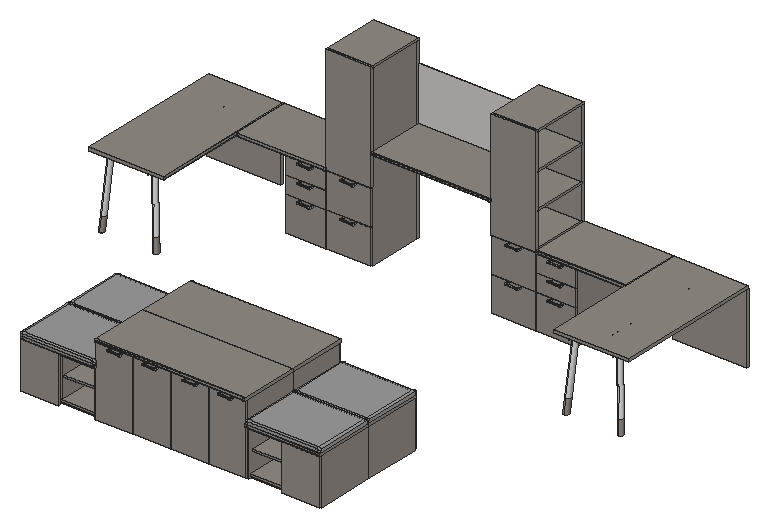
Revit family "JSI-Vision-Typical_Veneer-VSV110", category Furniture, Revit 2020
Family settings
  OmniClass Number = 23.40.20.00
  OmniClass Title = General Furniture and Specialties
  Work Plane-Based = No
  Always vertical = Yes
  Cut with Voids When Loaded = No
  Shared = No
  Room Calculation Point = No
Parameters (values of type "VST110")
  URL = "www.jsifurniture.com"
  Type Comments = "Typical Laminate"  # constant formula
  Model = "VST110"
  Manufacturer = "JSI"  # constant formula
  Keynote = "12500"
  Default Elevation = 0"
  Assembly Code = "E2020200"
Reference planes (in)
  plane 1 "Center Front/Back": y = 0
  plane 2: z = 0
  plane 3 "Center Left/Right": x = 0
Dimensions and locks (in)
  aligned and locked: level to plane 2
Nested families (in)
  nested 1: "JSI-Vision-Bench_Height_Cushion" at (138, -130.31703, 0.4315), type "VSB2430CUSH, 24d Bench H Cushion, 30 W"
    with Width 30"
  nested 2: "JSI-Vision-Tackboard_Wall_Mount_Overhead" at (83.1862, -0.125, 7.4375), type "VSB4822WT, Tackboard for Wall Mount OH"
    with Width 47 3/4", Height 21 1/2"
  nested 3: "JSI-Vision-Support_End_with_Metal_Braces" at (216.1875, -0.125, 0) x (0, -1, 0) z (0, 0, 1), type "VSV1030ASP, Vision Support End with Metal Braces 28"H, 30"W"
  nested 4: "JSI-Vision-Modular_Box_Box_File_Pedestal" at (49.754, 0, 0), type "VSV1624MBBF, Veneer Modular BBF Ped"
    with Ped Width 15.996", Ped Height 27.996", Ped Depth 24"
  nested 5: "JSI-Vision-File_File_Storage_Cabinet_Side_Access" at (132, 0, 0), type "VSV2418-72FFSSTL, Veneer 72" H FF Strg Cab Side Accs 24" x 18""
    with Side Distance 0", Shelve Distance 18", Height 72", FFSSTR no, Bottom Shelve Level 29.496", Adjustable Shelves Array Distance 14.06383", Actual Height 71 11/16", # of Adjustable Shelves 3
  nested 6: "JSI-Vision-File_File_Storage_Cabinet_Side_Access" at (66, 0, 0), type "VSV2418-72FFSSTR, Veneer 72" H FF Strg Cab Side Accs 24" x 18""
    with Height 72", Bottom Shelve Level 29.496", Adjustable Shelves Array Distance 14.06383", Actual Height 71 11/16", # of Adjustable Shelves 3
  nested 7: "JSI-Vision-Credenza_Top" at (84, -0.125, 40), type "VSV2448MCT, Veneer Credenza Top, 24" x 48""
    with Height 0", Width 48", Depth 24"
  nested 8: "JSI-Vision-Credenza_Top" at (78, -130.31703, 28), type "VSV2460MCT, Veneer Credenza Top, 24" x 60""
    with Height 0", Width 60", Depth 24"
  nested 9: "JSI-Vision-Modular_Door_Pedestal" at (77.875, -130.12953, 0), type "VSV3024MSC, Veneer Modular Door Ped"
    with Depth 24"
  nested 10: "JSI-Vision-Rectangle_Desk_Top" at (216, -0.125, -2) x (0, -1, 0) z (0, 0, 1), type "VSV3060MCT, Veneer Rectangular Desk Top, 30" x 60""
    with Width 60"
  nested 11: "JSI-Vision-Sliding_Door_Modular_Bench_Pedestal" at (48, -130.31703, 0), type "VSVB2430MSD, Veneer Sld Door Modular Bench H Ped"
    with Height 18.744", Depth 24"
  nested 12: "JSI-Vision-Modular_Box_Box_File_Pedestal" at (166.246, 0, 0) x (-1, 0, 0) z (0, 0, 1), type "VSV1624MBBF, Veneer Modular BBF Ped"
    with Ped Width 15.996", Ped Height 27.996", Ped Depth 24"
  nested 13: "JSI-Vision-Modular_Door_Pedestal" at (108.125, -130.12953, 0), type "VSV3024MSC, Veneer Modular Door Ped"
    with Depth 24"
  nested 14: "JSI-Vision-Modular_Door_Pedestal" at (77.875, -130.50453, 0), type "VSV3024MSC, Veneer Modular Door Ped"
    with Depth 24"
  nested 15: "JSI-Vision-Modular_Door_Pedestal" at (108.125, -130.50453, 0), type "VSV3024MSC, Veneer Modular Door Ped"
    with Depth 24"
  nested 16: "JSI-Vision-Sliding_Door_Modular_Bench_Pedestal" at (48, -130.31703, 0), type "VSVB2430MSD, Veneer Sld Door Modular Bench H Ped"
    with Height 18.744", Depth 24"
  nested 17: "JSI-Vision-Sliding_Door_Modular_Bench_Pedestal" at (168, -130.31703, 0) x (-1, 0, 0) z (0, 0, 1), type "VSVB2430MSD, Veneer Sld Door Modular Bench H Ped"
    with Height 18.744", Depth 24"
  nested 18: "JSI-Vision-Sliding_Door_Modular_Bench_Pedestal" at (168, -130.31703, 0) x (-1, 0, 0) z (0, 0, 1), type "VSVB2430MSD, Veneer Sld Door Modular Bench H Ped"
    with Height 18.744", Depth 24"
  nested 19: "JSI-Vision-Bench_Height_Cushion" at (138, -130.31703, 0.4315), type "VSB2430CUSH, 24d Bench H Cushion, 30 W"
    with Width 30"
  nested 20: "JSI-Vision-Bench_Height_Cushion" at (78, -130.31703, 0.4315) x (-1, 0, 0) z (0, 0, 1), type "VSB2430CUSH, 24d Bench H Cushion, 30 W"
    with Width 30"
  nested 21: "JSI-Vision-Bench_Height_Cushion" at (78, -130.31703, 0.4315) x (-1, 0, 0) z (0, 0, 1), type "VSB2430CUSH, 24d Bench H Cushion, 30 W"
    with Width 30"
  nested 22: "JSI-Vision-Credenza_Top" at (78, -130.31703, 28), type "VSV2460MCT, Veneer Credenza Top, 24" x 60""
    with Height 0", Width 60", Depth 24"
  nested 23: "JSI-Vision_Modular_Bridge_Top" at (186.06413, -10.875, -0.8165), type "VSV3624MCT, Veneer 36 x 24 Modular Return/ Bridge Top"
    with Depth 24"
  nested 24: "JSI-Vision_Modular_Bridge_Top" at (29.93587, -10.875, -0.8165) x (-1, 0, 0) z (0, 0, 1), type "VSV3624MCT, Veneer 36 x 24 Modular Return/ Bridge Top"
    with Depth 24"
  nested 25: "JSI-Vision-Support_End_with_Metal_Braces" at (-0.1875, -0.125, 0) x (0, -1, 0) z (0, 0, 1), type "VSV1030ASP, Vision Support End with Metal Braces 28"H, 30"W"
  nested 26: "JSI-Vision-Rectangle_Desk_Top" at (0, -0.125, -2) x (0, -1, 0) z (0, 0, 1), type "VSV3060MCT, Veneer Rectangular Desk Top, 30" x 60""
    with Width 60"
  nested 27: "JSI-Vision-Bench_Height_Modular_Top" at (48.00381, -130.31703, -0.756), type "VSVB2430MT, Veneer Mod Bench H Top, 24" x 30""
    with Width 30", Depth 24"
  nested 28: "JSI-Vision-Bench_Height_Modular_Top" at (48.00381, -130.31703, -0.756), type "VSVB2430MT, Veneer Mod Bench H Top, 24" x 30""
    with Width 30", Depth 24"
  nested 29: "JSI-Vision-Bench_Height_Modular_Top" at (168, -130.31703, -0.756) x (-1, 0, 0) z (0, 0, 1), type "VSVB2430MT, Veneer Mod Bench H Top, 24" x 30""
    with Width 30", Depth 24"
  nested 30: "JSI-Vision-Bench_Height_Modular_Top" at (168, -130.31703, -0.756) x (-1, 0, 0) z (0, 0, 1), type "VSVB2430MT, Veneer Mod Bench H Top, 24" x 30""
    with Width 30", Depth 24"
  nested 31: "JSI-Vision-Wood_Dowel_Base" at (15, -58.76571, -0.3165) x (0, -1, 0) z (0, 0, 1), type "VSV0228MKL2, Wood Dowel Base 28"H"
  nested 32: "JSI-Vision-Wood_Dowel_Base" at (201, -58.76571, -0.3125) x (0, -1, 0) z (0, 0, 1), type "VSV0228MKL2, Wood Dowel Base 28"H"
  nested 33: "JSI-Vision-L_Bracket" at (132, -0.65054, 26.93373) x (0, -1, 0) z (0, 0, 1), type "VSB-LBRKT-24, Matter Black L-Bracket 21"w"
  nested 34: "JSI-Vision-L_Bracket" at (84, -0.65054, 26.93373) x (0, -1, 0) z (0, 0, 1), type "VSB-LBRKT-24, Matter Black L-Bracket 21"w"
  nested 35: "JSI-Vision-Support_Rail_Work_Surface" at (16, -10.625, 0.18778) x (0, -1, 0) z (0, 0, 1), type "GP0243SB, Metal Support Rail for Work Surface  2W 43 L 3/4H"
  nested 36: "JSI-Vision-Support_Rail_Work_Surface" at (200, -10.625, 0.18778) x (0, -1, 0) z (0, 0, 1), type "GP0243SB, Metal Support Rail for Work Surface  2W 43 L 3/4H"
Definition of nested family "JSI-Vision-Bench_Height_Cushion"
  Parameters (values of type "Type Catalog")
    Width = 36"
    URL = "www.jsifurniture.com"
    Type Comments = ""
    Series = "Vision Casegoods"  # constant formula
    Model = "Type Catalog"
    Material = ""
    Manufacturer = "JSI"  # constant formula
    Keynote = "12500"
    JSI Enviromental Website = "http://www.jsifurniture.com/jsi_sustainability_intro.php"
    Height = 1 1/2"
    Description = "Type Catalog"
    Depth = 24"
    Default Elevation = 0"
    Cushion Finish = none
    Bench Height = 19 1/2"
    Assembly Code = "E2020200"
  Reference planes (in)
    plane 1 "Center Front/Back": y = 0
    plane 2: z = 0
    plane 3 "Center Left/Right": x = 0
    plane 4: z = 0
    plane 5: z = 19.5
    plane 6: z = 21
    plane 7: z = 20.625
    plane 8: x = 36
    plane 9: y = -24
  Forms (in)
    Sweep 1, solid, material <- "Cushion Finish"
      path origin (7.5, 51.481, 49.125) x (0, 1, 0) y (0, 0, 1)
        loop
          line (-51.481, -29.625) -> (-51.481, -28.5625)
          arc (-51.481, -28.5625) -> (-51.60914, -28.25314) -> (-51.9185, -28.125) r 0.4375
          line (-51.9185, -28.125) -> (-75.0435, -28.125)
          arc (-75.0435, -28.125) -> (-75.35286, -28.25314) -> (-75.481, -28.5625) r 0.4375
          line (-75.481, -28.5625) -> (-75.481, -29.625)
      profile origin (7.5, -12, 21) x (0, 0, -1) y (1, 0, 0)
        loop
          line (0.375, -7.5) -> (0.375, 28.5)
          spline (0.375, 28.5) -> (0.32605, 28.49144) -> (0.27794, 28.46593) -> (0.23149, 28.42388) -> (0.1875, 28.36603) -> (0.14671, 28.29335) -> (0.10983, 28.20711) -> (0.07749, 28.10876) -> (0.05024, 28) -> (0.02855, 27.88268) -> (0.01278, 27.75882) -> (0.00321, 27.63053) -> (0, 27.5)
          line (0, 27.5) -> (0, -6.5)
          spline (0, -6.5) -> (0.00321, -6.63053) -> (0.01278, -6.75882) -> (0.02855, -6.88268) -> (0.05024, -7) -> (0.07749, -7.10876) -> (0.10983, -7.20711) -> (0.14671, -7.29335) -> (0.1875, -7.36603) -> (0.23149, -7.42388) -> (0.27794, -7.46593) -> (0.32605, -7.49144) -> (0.375, -7.5)
    Extrusion 2, solid, material <- "Cushion Finish"
      sketch origin (7.5, 51.481, 49.125) x (0, 1, 0) y (0, 0, 1)
        loop
          line (-51.856, -29.625) -> (-51.856, -28.5625)
          arc (-51.856, -28.5625) -> (-51.87431, -28.51831) -> (-51.9185, -28.5) r 0.0625
          line (-51.9185, -28.5) -> (-75.0435, -28.5)
          arc (-75.0435, -28.5) -> (-75.0877, -28.51831) -> (-75.106, -28.5625) r 0.0625
          line (-75.106, -28.5625) -> (-75.106, -29.625) -> (-51.856, -29.625)
      from -7.5 to 28.5
  Lines and regions (in)
    symbolic lines
      curve 1: line (36, -0.375, 0) -> (36, -23.625, 0)
      curve 2: line (35, -24, 0) -> (1, -24, 0)
      curve 3: spline (0, -23.625, 0) -> (0.00856, -23.67395, 0) -> (0.03407, -23.72206, 0) -> (0.07612, -23.76851, 0) -> (0.13397, -23.8125, 0) -> (0.20665, -23.85329, 0) -> (0.29289, -23.89017, 0) -> (0.39124, -23.92251, 0) -> (0.5, -23.94976, 0) -> (0.61732, -23.97145, 0) -> (0.74118, -23.98722, 0) -> (0.86947, -23.99679, 0) -> (1, -24, 0)
      curve 4: spline (36, -23.625, 0) -> (35.99144, -23.67395, 0) -> (35.96593, -23.72206, 0) -> (35.92388, -23.76851, 0) -> (35.86603, -23.8125, 0) -> (35.79335, -23.85329, 0) -> (35.70711, -23.89017, 0) -> (35.60876, -23.92251, 0) -> (35.5, -23.94976, 0) -> (35.38268, -23.97145, 0) -> (35.25882, -23.98722, 0) -> (35.13053, -23.99679, 0) -> (35, -24, 0)
      curve 5: line (1, 0, 0) -> (35, 0, 0)
      curve 6: spline (36, -0.375, 0) -> (35.99144, -0.32605, 0) -> (35.96593, -0.27794, 0) -> (35.92388, -0.23149, 0) -> (35.86603, -0.1875, 0) -> (35.79335, -0.14671, 0) -> (35.70711, -0.10983, 0) -> (35.60876, -0.07749, 0) -> (35.5, -0.05024, 0) -> (35.38268, -0.02855, 0) -> (35.25882, -0.01278, 0) -> (35.13053, -0.00321, 0) -> (35, 0, 0)
      curve 7: spline (0, -0.375, 0) -> (0.00856, -0.32605, 0) -> (0.03407, -0.27794, 0) -> (0.07612, -0.23149, 0) -> (0.13397, -0.1875, 0) -> (0.20665, -0.14671, 0) -> (0.29289, -0.10983, 0) -> (0.39124, -0.07749, 0) -> (0.5, -0.05024, 0) -> (0.61732, -0.02855, 0) -> (0.74118, -0.01278, 0) -> (0.86947, -0.00321, 0) -> (1, 0, 0)
      curve 8: line (0, -0.375, 0) -> (0, -23.625, 0)
  Dimensions and locks (in)
    "Height": plane 6 to plane 5
    locked: plane 7 to plane 5 at 1.125
    "Bench Height": plane 5 to level
    "Width": plane 3 "Center Left/Right" to plane 8
    "Depth": plane 1 "Center Front/Back" to plane 9
    locked: Sweep 1 sketch curve to plane 3 "Center Left/Right" at 1
    locked: Sweep 1 sketch curve to plane 8 at 1
    aligned and locked: level to plane 2
    aligned and locked: level to plane 4
    aligned and locked: Sweep 1 to plane 5
    aligned and locked: Extrusion 2 to Sweep 1  (x3)
    aligned and locked: Extrusion 2 to plane 3 "Center Left/Right"
    aligned and locked: Extrusion 2 to plane 8
    aligned and locked: plane 1 "Center Front/Back" to Sweep 1 sketch curve
    aligned and locked: plane 9 to Sweep 1 sketch curve
    aligned and locked: Sweep 1 sketch curve to plane 6
  Automatic sketch dimensions
    Sweep 1 sketch curve to plane 5 = 0"  (x2)
    Sweep 1 sketch curve to plane 7 = 1/16"
    plane 1 "Center Front/Back" to Sweep 1 sketch curve = 7/16"
    Sweep 1 sketch curve to profile plane = 0"
    Sweep 1 sketch curve to profile plane = 3/8"
    Sweep 1 sketch curve to Sweep 1 sketch curve = 1"  (x2)
    Extrusion 2 sketch curve to plane 5 = 0"
    Extrusion 2 sketch curve to plane 7 = 0"
    plane 9 to Extrusion 2 sketch curve = 3/8"
    Extrusion 2 sketch curve to plane 7 = 1/16"
    plane 1 "Center Front/Back" to Extrusion 2 sketch curve = 7/16"
    plane 1 "Center Front/Back" to Extrusion 2 sketch curve = 3/8"
    curve 3 to plane 3 "Center Left/Right" = 0"
    curve 3 to plane 9 = 0"
    plane 1 "Center Front/Back" to curve 7 = 0"
    curve 4 to plane 8 = 0"
    plane 3 "Center Left/Right" to curve 2 = 1"
    plane 3 "Center Left/Right" to curve 5 = 1"
    plane 8 to curve 5 = 1"
    plane 8 to curve 2 = 1"
    plane 9 to curve 1 = 3/8"
    plane 1 "Center Front/Back" to curve 1 = 3/8"
    plane 9 to curve 3 = 3/8"
    plane 1 "Center Front/Back" to curve 8 = 3/8"
Definition of nested family "JSI-Vision-Tackboard_Wall_Mount_Overhead"
  Parameters (values of type "Tackboard for Wall Mount OH - Type Catalog Family")
    Tackboard = none
    Width = 28 1/8"
    URL = "www.jsifurniture.com"
    Type Comments = ""
    Series = "Vision Casegoods"  # constant formula
    Model = "Type Catalog"
    Material = ""
    Manufacturer = "JSI"  # constant formula
    Keynote = "12500"  # constant formula
    JSI Enviromental Website = "http://www.jsifurniture.com/jsi_sustainability_intro.php"
    Height = 21 1/4"
    Description = "Type Catalog"
    Depth = 3/8"
    Default Elevation = 0"
    Assembly Code = "E2020200"
  Reference planes (in)
    plane 1 "Center Front/Back": y = 0
    plane 2: z = 0
    plane 3 "Center Left/Right": x = 0
    plane 4: z = 0
    plane 5: x = 0.9375
    plane 6: x = 29.0625
    plane 7: z = 33.75
    plane 8: x = 30
    plane 9: z = 55
    plane 10: y = -0.375
  Forms (in)
    Extrusion 1, solid, material <- "Tackboard"
      sketch origin (0, 1.5625, 0) x (1, 0, 0) y (0, 1, 0)
        loop
          line (0.9375, -1.5625) -> (0.9375, -1.9375) -> (29.0625, -1.9375) -> (29.0625, -1.5625) -> (0.9375, -1.5625)
      from 33.75 to 55
  Lines and regions (in)
    symbolic lines
      curve 1: line (0.9375, 0, 0) -> (29.0625, 0, 0)
      curve 2: line (0.9375, -0.375, 0) -> (0.9375, 0, 0)
      curve 3: line (29.0625, -0.375, 0) -> (0.9375, -0.375, 0)
      curve 4: line (29.0625, 0, 0) -> (29.0625, -0.375, 0)
  Dimensions and locks (in)
    "Width": plane 5 to plane 6
    plane 7 to level = 33 3/4"
    "Height": plane 9 to plane 7
    locked: plane 3 "Center Left/Right" to plane 5 at 0.9375
    locked: plane 6 to plane 8 at 0.9375
    aligned and locked: level to plane 2
    aligned and locked: Extrusion 1 to plane 5  (x2)
    aligned and locked: plane 6 to Extrusion 1  (x2)
    aligned and locked: Extrusion 1 to plane 7
    aligned and locked: plane 9 to Extrusion 1
    aligned and locked: curve 1 to Extrusion 1
    aligned and locked: curve 2 to Extrusion 1
    aligned and locked: curve 3 to Extrusion 1
    aligned and locked: curve 4 to Extrusion 1
    aligned and locked: Extrusion 1 to plane 1 "Center Front/Back"
  Automatic sketch dimensions
    Extrusion 1 sketch curve to plane 5 = 0"
    Extrusion 1 sketch curve to plane 6 = 0"
    Extrusion 1 sketch curve to plane 10 = 0"
    Extrusion 1 sketch curve to Extrusion 1 sketch curve = 3/8"
Definition of nested family "JSI-Vision-Support_End_with_Metal_Braces"
  Parameters (values of type "VST1030ASP, Vision Support End with Metal Braces 28"H, 30"W")
    Width = 30"
    URL = "www.jsifurniture.com"
    Type Comments = ""
    Support Wood Finish = none
    Support Finish = none
    Series = "Vision Casegoods"  # constant formula
    Model = "VST1030ASP"
    Material = ""
    Manufacturer = "JSI"  # constant formula
    Keynote = "12500"  # constant formula
    JSI Enviromental Website = "http://www.jsifurniture.com/jsi_sustainability_intro.php"
    Height = 28"
    Hardware Finish = none
    Description = "Vision Support End Laminate with Metal Braces -  3/4\"D x 30\"W x 28\"H"
    Depth = 3/4"
    Default Elevation = 0"
    Assembly Code = "E2020200"
  Types (4): name | Width | Model | Description
    VST1030ASP, Vision Support End with Metal Braces 28"H, 30"W | 30" | "VST1030ASP" | "Vision Support End Laminate with Metal Braces -  3/4\"D x 30\"W x 28\"H"
    VST1036ASP, Vision Support End with Metal Braces 28"H, 36"W | 36" | "VST1036ASP" | "Vision Support End Laminate with Metal Braces -  3/4\"D x 36\"W x 28\"H"
    VSV1030ASP, Vision Support End with Metal Braces 28"H, 30"W | 30" | "VSV1030ASP" | "Vision Support End Venner with Metal Braces -  3/4\"D x 30\"W x 28\"H"
    VSV1036ASP, Vision Support End with Metal Braces 28"H, 36"W | 36" | "VSV1036ASP" | "Vision Support End Venner with Metal Braces -  3/4\"D x 36\"W x 28\"H"
  Reference planes (in)
    plane 1 "Center Front/Back": y = 0
    plane 2: z = 0
    plane 3 "Center Left/Right": x = 0
    plane 4: z = 0
    plane 5: z = 28
    plane 6: x = 0.75
    plane 7: y = -30
    plane 8: y = -15
  Forms (in)
    Extrusion 1, solid, material <- "Support Wood Finish"
      sketch origin (0, 0, 0) x (1, 0, 0) y (0, 1, 0)
        loop
          line (0, -0.1875) -> (0, -29.8125) -> (0.75, -29.8125) -> (0.75, -0.1875) -> (0, -0.1875)
      from 0 to 28
    Extrusion 2, solid, material <- "Support Finish"
      sketch origin (0, 0, 0) x (1, 0, 0) y (0, 0, 1)
        loop
          line (1.01072, 21.34172) -> (7.4271, 27.75811)
          arc (7.4271, 27.75811) -> (7.48703, 27.79815) -> (7.55772, 27.81221) r 0.18472
          line (7.55772, 27.81221) -> (10.08071, 27.81221) -> (10.08071, 28) -> (7.55916, 28)
          arc (7.55916, 28) -> (7.41566, 27.97145) -> (7.294, 27.89017) r 0.375
          line (7.294, 27.89017) -> (0.85983, 21.456)
          arc (0.85983, 21.456) -> (0.77855, 21.33434) -> (0.75, 21.19084) r 0.375
          line (0.75, 21.19084) -> (0.75, 18.669) -> (0.9375, 18.669) -> (0.9375, 21.16495)
          arc (0.9375, 21.16495) -> (0.95653, 21.26062) -> (1.01072, 21.34172) r 0.25
      from 10.5 to 11.5
    Extrusion 3, solid, material <- "Support Finish"
      sketch origin (0, -8, 0) x (1, 0, 0) y (0, 0, 1)
        loop
          line (1.01072, 21.34172) -> (7.4271, 27.75811)
          arc (7.4271, 27.75811) -> (7.48703, 27.79815) -> (7.55772, 27.81221) r 0.18472
          line (7.55772, 27.81221) -> (10.08071, 27.81221) -> (10.08071, 28) -> (7.55916, 28)
          arc (7.55916, 28) -> (7.41566, 27.97145) -> (7.294, 27.89017) r 0.375
          line (7.294, 27.89017) -> (0.85983, 21.456)
          arc (0.85983, 21.456) -> (0.77855, 21.33434) -> (0.75, 21.19084) r 0.375
          line (0.75, 21.19084) -> (0.75, 18.669) -> (0.9375, 18.669) -> (0.9375, 21.16495)
          arc (0.9375, 21.16495) -> (0.95653, 21.26062) -> (1.01072, 21.34172) r 0.25
      from 10.5 to 11.5
    Extrusion 4, solid, material <- "Hardware Finish"
      sketch origin (0, 0, 0) x (1, 0, 0) y (0, 0, 1)
        loop
          line (0.75, 28) -> (0.75, 26.9375) -> (0.8125, 26.9375) -> (0.8125, 27.9375) -> (1.8125, 27.9375) -> (1.8125, 28) -> (0.75, 28)
      from 1.6875 to 3.6875
    Extrusion 5, solid, material <- "Hardware Finish"
      sketch origin (0, -8.75, 0) x (1, 0, 0) y (0, 0, 1)
        loop
          line (0.75, 28) -> (0.75, 26.9375) -> (0.8125, 26.9375) -> (0.8125, 27.9375) -> (1.8125, 27.9375) -> (1.8125, 28) -> (0.75, 28)
      from -1.3125 to 0.6875
    Extrusion 6, solid, material <- "Hardware Finish"
      sketch origin (0, -21.875, 0) x (1, 0, 0) y (0, 0, 1)
        loop
          line (0.75, 28) -> (0.75, 26.9375) -> (0.8125, 26.9375) -> (0.8125, 27.9375) -> (1.8125, 27.9375) -> (1.8125, 28) -> (0.75, 28)
      from -1.3125 to 0.6875
    Extrusion 7, solid, material <- "Hardware Finish"
      sketch origin (0, -30.625, 0) x (1, 0, 0) y (0, 0, 1)
        loop
          line (0.75, 28) -> (0.75, 26.9375) -> (0.8125, 26.9375) -> (0.8125, 27.9375) -> (1.8125, 27.9375) -> (1.8125, 28) -> (0.75, 28)
      from -4.3125 to -2.3125
  Lines and regions (in)
    symbolic lines
      curve 1: line (0, -0.1875, 0) -> (0.75, -0.1875, 0)
      curve 2: line (0, -29.8125, 0) -> (0, -0.1875, 0)
      curve 3: line (0.75, -29.8125, 0) -> (0, -29.8125, 0)
      curve 4: line (0.75, -0.1875, 0) -> (0.75, -29.8125, 0)
      curve 5: line (0.75, -1.83336, 0) -> (1.30712, -1.83336, 0)
      curve 6: line (1.30712, -1.83336, 0) -> (1.30712, -3.4108, 0)
      curve 7: line (1.30712, -3.4108, 0) -> (0.75, -3.4108, 0)
      curve 8: line (0.75, -26.5892, 0) -> (1.30712, -26.5892, 0)
      curve 9: line (1.30712, -26.5892, 0) -> (1.30712, -28.16665, 0)
      curve 10: line (1.30712, -28.16665, 0) -> (0.75, -28.16665, 0)
  Dimensions and locks (in)
    "Depth": plane 3 "Center Left/Right" to plane 6
    "Width": plane 1 "Center Front/Back" to plane 7
    locked: Extrusion 1 sketch curve to plane 1 "Center Front/Back" at 0.1875
    locked: Extrusion 1 sketch curve to plane 7 at 0.1875
    equal spacing: plane 7, plane 8, plane 1 "Center Front/Back"
    plane 5 to Extrusion 2 sketch curve to Extrusion 2 sketch curve to Extrusion 2 sketch curve to Extrusion 2 sketch curve to Extrusion 2 sketch curve = 0.18779" locked, 0.18472" locked, 6.43665" locked, 0.02589" locked, 2.49595" locked
    Extrusion 2 sketch curve to Extrusion 2 sketch curve to Extrusion 2 sketch curve to Extrusion 2 sketch curve to Extrusion 2 sketch curve to plane 6 = 2.52299" locked, 6.37022" locked, 1/16" locked, 3/16" locked, 3/16" locked
    Extrusion 3 sketch curve to Extrusion 3 sketch curve to Extrusion 3 sketch curve to Extrusion 3 sketch curve to Extrusion 3 sketch curve = 0.18472" locked, 6.43665" locked, 0.02589" locked, 2.49595" locked
    Extrusion 3 sketch curve to Extrusion 3 sketch curve to Extrusion 3 sketch curve to Extrusion 3 sketch curve to Extrusion 3 sketch curve = 2.52299" locked, 6.37022" locked, 1/16" locked, 3/16" locked
    Extrusion 2 to Extrusion 2 to plane 8 to Extrusion 3 to Extrusion 3 = 1" locked, 3 1/2" locked, 3 1/2" locked, 1" locked
    plane 5 to Extrusion 4 sketch curve to Extrusion 4 sketch curve = 1/16" locked, 1" locked
    plane 6 to Extrusion 4 sketch curve to Extrusion 4 sketch curve = 1/16" locked, 1" locked
    locked: Extrusion 5 sketch curve to Extrusion 5 sketch curve at 1  (x2)
    locked: Extrusion 6 sketch curve to Extrusion 6 sketch curve at 1  (x2)
    locked: Extrusion 7 sketch curve to Extrusion 7 sketch curve at 1  (x2)
    Extrusion 5 to Extrusion 5 to Extrusion 2 to Extrusion 2 to plane 8 to Extrusion 3 to Extrusion 3 to Extrusion 6 to Extrusion 6 = 2" locked, 1 1/16" locked, 1" locked, 3 1/2" locked, 3 1/2" locked, 1" locked, 1 1/16" locked, 2" locked
    plane 1 "Center Front/Back" to Extrusion 4 to Extrusion 4 = 1 11/16" locked, 2" locked
    Extrusion 7 to Extrusion 7 to plane 7 = 2" locked, 1 11/16" locked
    "Height": plane 5 to plane 4
    aligned and locked: level to plane 2
    aligned and locked: plane 3 "Center Left/Right" to Extrusion 1 sketch curve
    aligned and locked: plane 6 to Extrusion 1 sketch curve
    aligned and locked: plane 5 to Extrusion 1
    aligned and locked: curve 1 to Extrusion 1
    aligned and locked: curve 2 to Extrusion 1
    aligned and locked: curve 3 to Extrusion 1
    aligned and locked: curve 4 to Extrusion 1
    aligned and locked: Extrusion 2 sketch curve to plane 5
    aligned and locked: Extrusion 2 sketch curve to plane 6
    aligned and locked: Extrusion 4 sketch curve to plane 5
    aligned and locked: plane 6 to Extrusion 4 sketch curve
    aligned and locked: Extrusion 1 to plane 4
  Automatic sketch dimensions
    curve 7 to curve 6 = 0.55712"
    curve 8 to curve 8 = 0.55712"
    curve 3 to curve 9 = 1.64585"
    curve 9 to curve 9 = 1.57745"
    curve 6 to curve 1 = 3.2233"
    curve 6 to curve 5 = 1.57744"
    Extrusion 2 sketch curve to plane 6 = 0.10983"
    Extrusion 2 sketch curve to Extrusion 2 sketch curve = 0.15089"
    Extrusion 2 sketch curve to plane 5 = 0.10983"
    Extrusion 2 sketch curve to Extrusion 2 sketch curve = 0.26372"
    Extrusion 2 sketch curve to plane 5 = 0.24189"
    Extrusion 2 sketch curve to Extrusion 2 sketch curve = 0.00144"
    plane 6 to Extrusion 3 sketch curve = 0"
    Extrusion 3 sketch curve to plane 5 = 0"
    Extrusion 3 sketch curve to plane 6 = 0.10983"
    Extrusion 3 sketch curve to Extrusion 3 sketch curve = 3/16"
    Extrusion 3 sketch curve to Extrusion 3 sketch curve = 0.15089"
    Extrusion 3 sketch curve to plane 5 = 0.10983"
    Extrusion 3 sketch curve to Extrusion 3 sketch curve = 0.26372"
    Extrusion 3 sketch curve to plane 5 = 0.24189"
    Extrusion 3 sketch curve to Extrusion 3 sketch curve = 0.13062"
    Extrusion 3 sketch curve to Extrusion 3 sketch curve = 0.00144"
    Extrusion 5 sketch curve to plane 5 = 0"
    plane 6 to Extrusion 5 sketch curve = 0"
    Extrusion 5 sketch curve to plane 6 = 1/16"
    Extrusion 5 sketch curve to plane 5 = 1/16"
    Extrusion 6 sketch curve to plane 5 = 0"
    plane 6 to Extrusion 6 sketch curve = 0"
    Extrusion 6 sketch curve to plane 6 = 1/16"
    Extrusion 6 sketch curve to plane 5 = 1/16"
    Extrusion 7 sketch curve to plane 5 = 0"
    plane 6 to Extrusion 7 sketch curve = 0"
    Extrusion 7 sketch curve to plane 6 = 1/16"
    Extrusion 7 sketch curve to plane 5 = 1/16"
Definition of nested family "JSI-Vision-Modular_Box_Box_File_Pedestal"
  Parameters (values of type "Type Catalog")
    URL = "www.jsifurniture.com"
    Tag = "BBF"
    Series = "Vision Casegoods"  # constant formula
    Pull Finish = none
    Ped Width = 16"
    Ped Height = 28"
    Model = "Type Catalog"
    Manufacturer = "JSI"  # constant formula
    Keynote = "12500"
    JSI Enviromental website = "http://www.jsifurniture.com/jsi_sustainability_intro.php"
    Description = "Type Catalog"
    Default Elevation = 0"
    Chassis = none
    Ped Depth = 20"
    Grommet Finish = none
    Drawer Front = none
    Assembly Code = "E2020200"
  Reference planes (in)
    plane 1 "Center Front/Back": y = 0
    plane 2: z = 0
    plane 3 "Center Left/Right": x = 0
    plane 4: x = 0.125
    plane 5: x = 16.125
    plane 6: x = 16.25
    plane 7: y = -18.9795
    plane 8: y = -0.1875
    plane 9: y = -19.1095
    plane 10: x = 0.18716
    plane 11: x = 16.06243
    plane 12: y = -19.8595
    plane 13: z = 27.89082
    plane 14: z = 28
    plane 15: x = 0.875
    plane 16: x = 15.376
    plane 17: y = -0.9375
    plane 18: y = -18.23863
    plane 19: z = 27.1404
    plane 20: z = 26.5625
    plane 21: y = -3.9375
    plane 22: x = 8.125
    plane 23: y = -20
    plane 24: y = -9.80266
    plane 25: y = -14.80266
    plane 26: z = 27.1875
    plane 27: z = 21.04715
    plane 28: z = 20.92165
    plane 29: z = 20.1704
    plane 30: z = 14.0779
    plane 31: z = 13.9529
    plane 32: z = 13.2024
    plane 33: z = 0.1404
  Forms (in)
    Extrusion 1, solid, material <- "Chassis"
      sketch origin (0.125, -0.1875, 48) x (0, 1, 0) y (0, 0, 1)
        loop
          line (0, -20) -> (-2.2814, -20) -> (-18.792, -20) -> (-18.792, -48) -> (0, -48) -> (0, -20)
      from 0 to 0.75
    Extrusion 2, solid, material <- "Chassis"
      sketch origin (16.125, -0.1875, 48) x (0, 1, 0) y (0, 0, 1)
        loop
          line (0, -20) -> (-1.49541, -20) -> (-18.792, -20) -> (-18.792, -48) -> (0, -48) -> (0, -20)
      from -0.749 to 0
    Extrusion 3, solid, material <- "Drawer Front"
      sketch origin (0, 0, 0) x (1, 0, 0) y (0, 0, 1)
        loop
          line (0.18716, 27.89082) -> (0.18716, 21.04715) -> (16.06243, 21.04715) -> (16.06243, 27.89082) -> (0.18716, 27.89082)
        loop
          line (16.06243, 14.0779) -> (16.06243, 20.92165) -> (0.18716, 20.92165) -> (0.18716, 14.0779) -> (16.06243, 14.0779)
        loop
          line (0.18716, 13.9529) -> (0.18716, 0.1404) -> (16.06243, 0.1404) -> (16.06243, 13.9529) -> (0.18716, 13.9529)
      from 19.1095 to 19.8595
    Extrusion 4, solid, material <- "Chassis"
      sketch origin (0, 0, 0) x (1, 0, 0) y (0, 1, 0)
        loop
          line (0.875, -18.23863) -> (0.875, -18.9795) -> (15.376, -18.9795) -> (15.376, -18.23863) -> (0.875, -18.23863)
      from 0 to 1.9375
    Extrusion 5, solid, material <- "Chassis"
      sketch origin (0, 0, 0) x (0, 1, 0) y (0, 0, 1)
        loop
          line (-9.80266, 27.1875) -> (-9.80266, 27.89082) -> (-14.80266, 27.89082) -> (-14.80266, 27.1875) -> (-9.80266, 27.1875)
      from 0.875 to 15.376
    Extrusion 6, solid, material <- "Chassis"
      sketch origin (0, 0, 0) x (0, 1, 0) y (0, 0, 1)
        loop
          line (-0.1875, 28) -> (-0.9375, 28) -> (-0.9375, 23) -> (-0.1875, 23) -> (-0.1875, 28)
        loop
          line (-0.9375, 5) -> (-0.9375, 0) -> (-0.1875, 0) -> (-0.1875, 5) -> (-0.9375, 5)
      from 0.875 to 15.376
  Lines and regions (in)
    symbolic lines
      curve 1: line (0.125, -18.9795, 0) -> (0.125, -0.1875, 0)
      curve 2: line (16.125, -0.1875, 0) -> (16.125, -18.9795, 0)
      curve 3: line (0.18716, -19.1095, 0) -> (16.06243, -19.1095, 0)
      curve 4: line (0.18716, -19.8595, 0) -> (0.18716, -19.1095, 0)
      curve 5: line (16.06243, -19.8595, 0) -> (0.18716, -19.8595, 0)
      curve 6: line (16.06243, -19.1095, 0) -> (16.06243, -19.8595, 0)
      curve 7: line (0.875, -0.1875, 0) -> (0.875, -18.9795, 0)
      curve 8: line (0.125, -18.9795, 0) -> (0.875, -18.9795, 0)
      curve 9: line (15.376, -0.1875, 0) -> (15.376, -18.9795, 0)
      curve 10: line (15.376, -18.9795, 0) -> (16.125, -18.9795, 0)
      curve 11: line (0.125, -0.1875, 0) -> (16.125, -0.1875, 0)
      curve 12: line (0.875, -0.9375, 0) -> (15.376, -0.9375, 0)
  Dimensions and locks (in)
    plane 3 "Center Left/Right" to plane 4 = 1/8"
    locked: plane 5 to plane 6 at 0.125
    "Ped Width": plane 4 to plane 5
    locked: plane 1 "Center Front/Back" to plane 8 at 0.1875
    "Ped Height": plane 14 to level
    locked: plane 8 to plane 17 at 0.75
    plane 18 to plane 7 to plane 9 to plane 12 = 0.74087" locked, 0.13" locked, 3/4" locked
    plane 4 to plane 10 to plane 15 = 0.06216" locked, 0.68784" locked
    plane 16 to plane 11 to plane 5 = 0.68644" locked, 0.06257" locked
    locked: plane 14 to plane 20 at 1.4375
    locked: plane 1 "Center Front/Back" to plane 21 at 3.9375
    plane 3 "Center Left/Right" to plane 22 to plane 6 = 8 1/8", 8 1/8"
    "Ped Depth": plane 23 to plane 1 "Center Front/Back"
    locked: plane 12 to plane 23 at 0.1405
    plane 24 to plane 25 to plane 23 = 5" locked, 5.19734" locked
    locked: plane 14 to Extrusion 6 sketch curve at 5
    locked: Extrusion 6 sketch curve to plane 2 at 5
    plane 14 to plane 13 to plane 27 to plane 28 to plane 30 to plane 31 to plane 33 to plane 2 = 0.10918" locked, 6.84367" locked, 0.1255" locked, 6 27/32" locked, 1/8" locked, 13 13/16", 0.1404" locked
    plane 19 to plane 29 to plane 32 to plane 2 = 6.97" locked, 6.968" locked, 13.2024" locked
    aligned and locked: level to plane 2
    aligned and locked: Extrusion 1 sketch curve to plane 7
    aligned and locked: Extrusion 1 sketch curve to level
    aligned and locked: Extrusion 2 sketch curve to plane 14
    aligned and locked: level to Extrusion 2 sketch curve
    aligned and locked: plane 7 to Extrusion 2 sketch curve
    aligned and locked: Extrusion 3 sketch curve to plane 13
    aligned and locked: Extrusion 3 sketch curve to plane 10  (x2)
    aligned and locked: plane 11 to Extrusion 3 sketch curve  (x2)
    aligned and locked: Extrusion 3 to plane 12
    aligned and locked: plane 9 to Extrusion 3
    aligned and locked: Extrusion 4 sketch curve to plane 18
    aligned and locked: plane 15 to Extrusion 4 sketch curve
    aligned and locked: nested 1 to plane 12
    aligned and locked: nested 2 to plane 12
    aligned and locked: plane 19 to nested 2
    aligned and locked: plane 24 to Extrusion 5 sketch curve
    aligned and locked: Extrusion 5 sketch curve to plane 26
    aligned and locked: Extrusion 5 sketch curve to plane 25
    aligned and locked: plane 13 to Extrusion 5 sketch curve
    aligned and locked: Extrusion 5 to plane 15
    aligned and locked: plane 16 to Extrusion 5
    aligned and locked: nested 3 to plane 22
    aligned and locked: nested 3 to plane 23
    aligned and locked: nested 2 to plane 22
    aligned and locked: nested 1 to plane 22
    aligned and locked: Extrusion 3 sketch curve to Extrusion 3 sketch curve  (x2)
    aligned and locked: nested 4 to plane 22
    aligned and locked: nested 4 to plane 12
    aligned and locked: Extrusion 3 to plane 28
    aligned and locked: plane 27 to Extrusion 3
    aligned and locked: Extrusion 3 to plane 31
    aligned and locked: plane 30 to Extrusion 3
    aligned and locked: plane 8 to Extrusion 1
    aligned and locked: plane 8 to Extrusion 2
    aligned and locked: curve 7 to Extrusion 1
    aligned and locked: plane 8 to curve 9
    aligned and locked: Extrusion 2 to plane 16
    aligned and locked: plane 8 to Extrusion 6 sketch curve
    aligned and locked: Extrusion 6 sketch curve to plane 17
    aligned and locked: Extrusion 6 sketch curve to plane 2
    aligned and locked: Extrusion 6 sketch curve to plane 8
    aligned and locked: plane 17 to Extrusion 6 sketch curve
    aligned and locked: Extrusion 6 sketch curve to plane 14
    aligned and locked: Extrusion 6 to plane 15
    aligned and locked: plane 16 to Extrusion 6
    aligned and locked: plane 4 to curve 11
    aligned and locked: plane 5 to curve 11
    aligned and locked: curve 11 to plane 8
    aligned and locked: plane 15 to curve 12
    aligned and locked: plane 16 to curve 12
    aligned and locked: curve 12 to plane 17
    aligned and locked: plane 33 to Extrusion 3
  Automatic sketch dimensions
    Extrusion 3 sketch curve to plane 19 = 6 7/32"
    Extrusion 3 sketch curve to Extrusion 3 sketch curve = 0.1255"
    Extrusion 1 sketch curve to plane 14 = 0"
    Extrusion 1 sketch curve to Extrusion 1 sketch curve = 2.2814"
    Extrusion 2 sketch curve to plane 17 = 0.74541"
    Extrusion 3 sketch curve to Extrusion 3 sketch curve = 1/8"
    Extrusion 3 sketch curve to Extrusion 3 sketch curve = 6 31/32"
    level to Extrusion 3 sketch curve = 0.1404"
    plane 17 to Extrusion 1 sketch curve = 3/4"
    Extrusion 4 sketch curve to plane 7 = 0"
    Extrusion 4 sketch curve to plane 16 = 0"
    plane 17 to Extrusion 2 sketch curve = 3/4"
    curve 3 to plane 9 = 0"
    curve 3 to plane 10 = 0"
    curve 10 to plane 7 = 0"
    curve 5 to plane 11 = 0"
    curve 4 to plane 12 = 0"
    curve 1 to plane 7 = 0"
  Nested families (in)
    nested 1: "Bar Pull" at (8.125, -19.8595, 13.2024), Pull Finish <- "Pull Finish", type "PL"
      with Pull Finish none
    nested 2: "Bar Pull" at (8.125, -19.8595, 27.1404), Pull Finish <- "Pull Finish", type "PL"
      with Pull Finish none
    nested 3: "Label 1-16" at (8.125, -20, 0), type "DRWCFG"
    nested 4: "Bar Pull" at (8.125, -19.8595, 20.1704), Pull Finish <- "Pull Finish", type "PL"
      with Pull Finish none
  Definition of nested family "Bar Pull"
    Parameters
      Pull Finish [instance] = none
      Default Elevation = 0"
    Reference planes (in)
      plane 1 "Center Front/Back": y = 0
      plane 2: z = 0
      plane 3 "Center Left/Right": x = 0
      plane 4: x = -2.68731
      plane 5: x = -1.88731
      plane 6: x = 2.68731
      plane 7: x = 1.88731
      plane 8: y = -1
      plane 9: y = -0.85202
    Forms (in)
      Extrusion 1, solid, material <- "Pull Finish"
        sketch origin (0, 0, 0) x (0, 1, 0) y (0, 0, 1)
          loop
            line (0, -0.2015) -> (0, 0.2015) -> (-0.85202, 0.2015)
            arc (-0.85202, 0.2015) -> (-0.75, 0) -> (-0.85202, -0.2015) r 0.25
            line (-0.85202, -0.2015) -> (0, -0.2015)
        from 1.88731 to 2.68731
      Extrusion 2, solid, material <- "Pull Finish"
        sketch origin (0, 0, 0) x (0, 1, 0) y (0, 0, 1)
          loop
            circle (-1, 0) r 0.25
        from -2.68731 to 2.68731
      Extrusion 3, solid, material <- "Pull Finish"
        sketch origin (0, 0, 0) x (0, 1, 0) y (0, 0, -1)
          loop
            line (0, 0.2015) -> (-0.85202, 0.2015)
            arc (-0.85202, 0.2015) -> (-0.75, 0) -> (-0.85202, -0.2015) r 0.25
            line (-0.85202, -0.2015) -> (0, -0.2015) -> (0, 0.2015)
        from 1.88731 to 2.68731
    Dimensions and locks (in)
      plane 4 to plane 5 to plane 3 "Center Left/Right" to plane 7 to plane 6 = 0.8" locked, 1.88731" locked, 1.88731" locked, 0.8" locked
      plane 8 to plane 9 to plane 1 "Center Front/Back" = 0.14798" locked, 0.85202" locked
      aligned and locked: level to plane 2
      aligned and locked: plane 4 to Extrusion 3
      aligned and locked: Extrusion 3 to plane 5
      aligned and locked: plane 4 to Extrusion 2
      aligned and locked: Extrusion 1 to plane 7
      aligned and locked: plane 6 to Extrusion 1
      aligned and locked: plane 6 to Extrusion 2
      aligned and locked: plane 8 to Extrusion 2 sketch curve
      aligned and locked: Extrusion 3 to plane 1 "Center Front/Back"
      aligned and locked: Extrusion 1 to plane 1 "Center Front/Back"
      aligned and locked: plane 5 to Extrusion 3
      aligned and locked: Extrusion 3 to plane 4
      aligned and locked: Extrusion 2 to plane 4
      aligned and locked: plane 7 to Extrusion 1
      aligned and locked: Extrusion 1 to plane 6
      aligned and locked: Extrusion 2 to plane 6
  Definition of nested family "Label 1-16"
    Parameters
      Width = 1"
      Model Name = "2 Drw - 2 Drs"
    Reference planes (in)
      plane 1: y = 0
      plane 2: x = 0
    Text (in)
      label "XX" at (0.00051, -0.12324, 0), shows "Model Name"
Definition of nested family "JSI-Vision-File_File_Storage_Cabinet_Side_Access"
  Parameters (values of type "Type Catalog")
    Side Distance = if(FFSSTR, (Width - 3/4"), 0")  # 17 1/4"
    Top = none
    Width = 18"
    Unit Centre = Width / 2  # 9"
    URL = "www.jsifurniture.com"
    Type Comments = ""
    Tag = "3 Shelves R/ FF"
    Shelve Width = Width - 3/4"  # 17 1/4"
    Shelve Distance = if(FFSSTR, (Width - 3/4"), Width)  # 17 1/4"
    Shelve Depth = Depth - 1 7/8"  # 22 1/8"
    Series = "Vision Casegoods"  # constant formula
    Pull Finish = none
    Model = "Type Catalog"
    Material = ""
    Manufacturer = "JSI"  # constant formula
    Keynote = "12500"
    JSI Enviromental Website = "http://www.jsifurniture.com/jsi_sustainability_intro.php"
    Height = 84"
    FFSSTR = yes
    Drawer Front = none
    Description = "Type Catalog"
    Depth = 24"
    Default Elevation = 0"
    Chassis = none
    Bottom Shelve Level = 29 1/2"
    Assembly Code = "E2020200"
    Adjustable Shelves Array Distance = (Actual Height - Bottom Shelve Level) / (# of Adjustable Shelves)  # 13 35/64"
    Actual Height = if(Height > 54", (Height - 5/16"), (if(Height > 42", (Height + 1 1/8"), if(Height > 30", (Height - 3/8"), (Height - 13/16")))))  # 83 11/16"
    # of Adjustable Shelves = if(Height > 72", 4, (if(Height > 57", 3, 2)))  # 4
  Reference planes (in)
    plane 1 "Center Front/Back": y = 0
    plane 2: z = 0
    plane 3 "Center Left/Right": x = 0
    plane 4: z = 0
    plane 5: x = 18
    plane 6: y = -0.125
    plane 7: y = -23
    plane 8: z = 83.6875
    plane 9: y = -0.875
    plane 10: y = -22.8125
    plane 11: y = -22.0625
    plane 12: x = 0.75
    plane 13: x = 17.25
    plane 14: z = 1.1875
    plane 15: z = 1.9375
    plane 16: z = 82.9375
    plane 17: z = 83.3125
    plane 18: z = 29.5
    plane 19: z = 28.75
    plane 20: x = 0.0625
    plane 21: x = 17.9375
    plane 22: z = 0.14
    plane 23: y = -23
    plane 24: y = -23.75
    plane 25: y = -24
    plane 26: z = 83.625
    plane 27: y = -11.5625
    plane 28: z = 39.9625
    plane 29: z = 50.8
    plane 30: z = 61.6375
    plane 31: z = 72.475
    plane 32: z = 27.885
    plane 33: z = 28.25
    plane 34: z = 13.95
    plane 35: z = 14.075
    plane 36: z = 27.135
    plane 37: z = 13.2
    plane 38: x = 9
    plane 39: x = 17.25
  Forms (in)
    Extrusion 1, solid, material <- "Chassis"
      sketch origin (0, 0, 0) x (1, 0, 0) y (0, 1, 0)
        loop
          line (0, -0.125) -> (0, -0.875) -> (18, -0.875) -> (18, -0.125) -> (0, -0.125)
      from 0 to 82.9375
    Extrusion 2, solid, material <- "Chassis"
      sketch origin (0, 0, 0) x (1, 0, 0) y (0, 1, 0)
        loop
          line (0, -0.875) -> (0, -23) -> (0.75, -23) -> (0.75, -0.875) -> (0, -0.875)
      from 0 to 28.75
    Extrusion 3, solid, material <- "Chassis"
      sketch origin (0, 0, 0) x (1, 0, 0) y (0, 1, 0)
        loop
          line (17.25, -0.875) -> (17.25, -23) -> (18, -23) -> (18, -0.875) -> (17.25, -0.875)
      from 0 to 82.9375
    Extrusion 4, solid, material <- "Top"
      sketch origin (0, 0, 0) x (0, 1, 0) y (0, 0, 1)
        loop
          line (-0.125, 83.6875) -> (-23, 83.6875) -> (-23, 82.9375) -> (-0.125, 82.9375) -> (-0.125, 83.6875)
      from 0 to 18
    Extrusion 5, solid, material <- "Chassis"
      sketch origin (0, 0, 0) x (0, 1, 0) y (0, 0, 1)
        loop
          line (-0.875, 1.9375) -> (-22.0625, 1.9375) -> (-22.0625, 1.1875) -> (-0.875, 1.1875) -> (-0.875, 1.9375)
      from 0.75 to 17.25
    Extrusion 6, solid, material <- "Chassis"
      sketch origin (0, 0, 0) x (0, 1, 0) y (0, 0, 1)
        loop
          line (-22.0625, 1.9375) -> (-22.8125, 1.9375) -> (-22.8125, 0) -> (-22.0625, 0) -> (-22.0625, 1.9375)
      from 0.75 to 17.25
    Extrusion 7, solid, material <- "Chassis"
      sketch origin (-15, -0.9375, 1) x (0, 1, 0) y (0, 0, 1)
        loop
          line (0.0625, 28.5) -> (-22.0625, 28.5) -> (-22.0625, 27.75) -> (0.0625, 27.75) -> (0.0625, 28.5)
      from 15 to 32.25
    Extrusion 8, solid, material <- "Chassis"
      sketch origin (-15, -0.9375, 14.54688) x (0, 1, 0) y (0, 0, 1)
        loop
          line (0.0625, 28.5) -> (-22.0625, 28.5) -> (-22.0625, 27.75) -> (0.0625, 27.75) -> (0.0625, 28.5)
      from 15 to 32.25
    Extrusion 9, solid, material <- "Drawer Front"
      sketch origin (0, 0, 0) x (0, 1, 0) y (0, 0, 1)
        loop
          line (-23, 13.95) -> (-23.75, 13.95) -> (-23.75, 0.14) -> (-23, 0.14) -> (-23, 13.95)
      from 0.0625 to 17.9375
    Extrusion 10, solid, material <- "Drawer Front"
      sketch origin (0, 0, 0) x (0, 1, 0) y (0, 0, 1)
        loop
          line (-23, 27.885) -> (-23.75, 27.885) -> (-23.75, 14.075) -> (-23, 14.075) -> (-23, 27.885)
      from 0.0625 to 17.9375
    Extrusion 11, solid, material <- "Chassis"
      sketch origin (0, 0, 0) x (1, 0, 0) y (0, 1, 0)
        loop
          line (0, -23) -> (0, -23.75) -> (18, -23.75) -> (18, -23) -> (0, -23)
      from 28.25 to 83.6875
    Extrusion 12, solid, material <- "Chassis"
      sketch origin (-15, -0.9375, 28.09375) x (0, 1, 0) y (0, 0, 1)
        loop
          line (0.0625, 28.5) -> (-22.0625, 28.5) -> (-22.0625, 27.75) -> (0.0625, 27.75) -> (0.0625, 28.5)
      from 15 to 32.25
    Extrusion 13, solid, material <- "Chassis"
      sketch origin (-15, -0.9375, 41.64063) x (0, 1, 0) y (0, 0, 1)
        loop
          line (0.0625, 28.5) -> (-22.0625, 28.5) -> (-22.0625, 27.75) -> (0.0625, 27.75) -> (0.0625, 28.5)
      from 15 to 32.25
  Lines and regions (in)
    reference lines, not visible
      curve 1: line (0, 0, 83.6875) -> (0, 0, 0)
      curve 2: line (0.75, 0, 0) -> (0.75, 0, 83.6875)
      curve 3: line (18, 0, 83.6875) -> (18, 0, 0)
      curve 4: line (17.25, 0, 0) -> (17.25, 0, 83.6875)
    symbolic lines
      curve 5: line (18, -0.125, 0) -> (0, -0.125, 0)
      curve 6: line (0, -0.125, 0) -> (0, -23.75, 0)
      curve 7: line (18, -23.75, 0) -> (18, -0.125, 0)
      curve 8: line (0, -23.75, 0) -> (18, -23.75, 0)
  Dimensions and locks (in)
    locked: plane 6 to plane 1 "Center Front/Back" at 0.125
    plane 7 to plane 10 to plane 11 = 3/16" locked, 3/4" locked
    locked: plane 3 "Center Left/Right" to plane 12 at 0.75
    locked: plane 13 to plane 5 at 0.75
    locked: plane 15 to plane 14 at 0.75
    locked: plane 8 to plane 16 at 0.75
    locked: plane 17 to plane 16 at 0.375
    "Width": plane 3 "Center Left/Right" to plane 5
    "Actual Height": plane 8 to plane 4
    locked: plane 3 "Center Left/Right" to plane 20 at 0.0625
    locked: plane 21 to plane 5 at 0.0625
    plane 24 to plane 23 to plane 7 = 3/4" locked, 0" locked
    "Depth": plane 25 to plane 1 "Center Front/Back"
    locked: plane 25 to plane 24 at 0.25
    locked: plane 8 to plane 26 at 0.0625
    equal spacing: plane 6, plane 27, plane 7
    "Shelve Depth": Extrusion 7 sketch curve to Extrusion 7 sketch curve
    plane 17 to plane 31 to plane 30 to plane 29 to plane 28 = 10.8375", 10.8375", 10.8375", 10.8375"
    "Shelve Depth": Extrusion 8 sketch curve to Extrusion 8 sketch curve
    equal spacing: group 1, group 2, group 3, group 4  (x3)
    "Adjustable Shelves Array Distance": Extrusion 8 to Extrusion 7
    "Bottom Shelve Level": Extrusion 7 to plane 4
    "Bottom Shelve Level": plane 18 to plane 4
    locked: plane 32 to plane 36 at 0.75
    locked: plane 34 to plane 37 at 0.75
    "Shelve Width": Extrusion 7 to Extrusion 7
    "Unit Centre": plane 3 "Center Left/Right" to plane 38
    "Shelve Width": Extrusion 8 to Extrusion 8
    locked: plane 18 to plane 19 at 0.75
    locked: plane 19 to plane 33 at 0.5
    locked: curve 1 to curve 2 at 0.75
    locked: curve 3 to curve 4 at 0.75
    "Side Distance": curve 4 to plane 3 "Center Left/Right"
    "Side Distance": plane 5 to curve 2
    "Shelve Distance": plane 39 to plane 3 "Center Left/Right"
    "Shelve Depth": Extrusion 12 sketch curve to Extrusion 12 sketch curve
    "Shelve Width": Extrusion 12 to Extrusion 12
    "Shelve Depth": Extrusion 13 sketch curve to Extrusion 13 sketch curve
    "Shelve Width": Extrusion 13 to Extrusion 13
    plane 32 to plane 35 to plane 34 to plane 22 to plane 4 = 13.81" locked, 1/8" locked, 13.81" locked, 0.14"
    aligned and locked: level to plane 2
    aligned and locked: plane 6 to Extrusion 1 sketch curve
    aligned and locked: Extrusion 1 sketch curve to plane 9
    aligned and locked: Extrusion 1 sketch curve to plane 5
    aligned and locked: plane 3 "Center Left/Right" to Extrusion 1 sketch curve
    aligned and locked: Extrusion 1 to plane 4
    aligned and locked: plane 16 to Extrusion 1
    aligned and locked: Extrusion 2 sketch curve to plane 7
    aligned and locked: plane 9 to Extrusion 2 sketch curve
    aligned and locked: Extrusion 3 sketch curve to plane 7
    aligned and locked: plane 9 to Extrusion 3 sketch curve
    aligned and locked: plane 16 to Extrusion 4 sketch curve
    aligned and locked: Extrusion 4 sketch curve to plane 8
    aligned and locked: plane 6 to Extrusion 4 sketch curve
    aligned and locked: Extrusion 4 sketch curve to plane 7
    aligned and locked: Extrusion 4 to plane 3 "Center Left/Right"
    aligned and locked: plane 5 to Extrusion 4
    aligned and locked: Extrusion 5 sketch curve to plane 11
    aligned and locked: plane 14 to Extrusion 5 sketch curve
    aligned and locked: Extrusion 5 sketch curve to plane 15
    aligned and locked: plane 9 to Extrusion 5 sketch curve
    aligned and locked: Extrusion 5 to plane 12
    aligned and locked: plane 13 to Extrusion 5
    aligned and locked: plane 11 to Extrusion 6 sketch curve
    aligned and locked: Extrusion 6 sketch curve to plane 10
    aligned and locked: plane 4 to Extrusion 6 sketch curve
    aligned and locked: Extrusion 6 sketch curve to plane 15
    aligned and locked: Extrusion 6 to plane 12
    aligned and locked: plane 13 to Extrusion 6
    aligned and locked: level to plane 4
    aligned and locked: plane 24 to nested 1
    aligned and locked: plane 23 to Extrusion 9 sketch curve
    aligned and locked: Extrusion 9 sketch curve to plane 24
    aligned and locked: plane 22 to Extrusion 9 sketch curve
    aligned and locked: Extrusion 9 sketch curve to plane 34
    aligned and locked: Extrusion 10 sketch curve to plane 24
    aligned and locked: plane 23 to Extrusion 10 sketch curve
    aligned and locked: Extrusion 10 sketch curve to plane 32
    aligned and locked: plane 35 to Extrusion 10 sketch curve
    aligned and locked: plane 37 to nested 2
    aligned and locked: plane 24 to nested 2
    aligned and locked: plane 36 to nested 3
    aligned and locked: plane 24 to nested 3
    aligned and locked: Extrusion 7 to plane 9
    aligned and locked: Extrusion 8 to plane 9
    aligned and locked: Extrusion 10 to plane 20
    aligned and locked: Extrusion 9 to plane 20
    aligned and locked: plane 21 to Extrusion 10
    aligned and locked: plane 21 to Extrusion 9
    aligned and locked: plane 38 to nested 1
    aligned and locked: plane 38 to nested 3
    aligned and locked: plane 38 to nested 2
    aligned and locked: Extrusion 2 to plane 4
    aligned and locked: Extrusion 2 to curve 2
    aligned and locked: curve 1 to Extrusion 2
    aligned and locked: plane 19 to Extrusion 2
    aligned and locked: Extrusion 3 to plane 4
    aligned and locked: Extrusion 3 to curve 3
    aligned and locked: Extrusion 3 to curve 4
    aligned and locked: plane 16 to Extrusion 3
    aligned and locked: plane 39 to Extrusion 7
    aligned and locked: plane 39 to Extrusion 8
    aligned and locked: plane 23 to Extrusion 11 sketch curve
    aligned and locked: Extrusion 11 sketch curve to plane 24
    aligned and locked: Extrusion 11 sketch curve to plane 5
    aligned and locked: plane 3 "Center Left/Right" to Extrusion 11 sketch curve
    aligned and locked: plane 8 to Extrusion 11
    aligned and locked: Extrusion 11 to plane 33
    aligned and locked: curve 5 to Extrusion 4
    aligned and locked: curve 6 to Extrusion 4
    aligned and locked: curve 7 to Extrusion 4
    aligned and locked: Extrusion 11 to curve 8
  Automatic sketch dimensions
    Extrusion 7 sketch curve to Extrusion 7 sketch curve = 3/4"
    Extrusion 8 sketch curve to Extrusion 8 sketch curve = 3/4"
    plane 12 to Extrusion 2 sketch curve = 0"
    plane 3 "Center Left/Right" to Extrusion 2 sketch curve = 0"
    Extrusion 3 sketch curve to plane 5 = 0"
    Extrusion 3 sketch curve to plane 13 = 0"
    curve 1 to level = 0"
    curve 2 to level = 0"
    curve 3 to level = 0"
    curve 4 to level = 0"
    curve 3 to plane 8 = 0"
    curve 2 to plane 8 = 0"
    curve 4 to plane 8 = 0"
    curve 1 to plane 8 = 0"
    Extrusion 12 sketch curve to Extrusion 12 sketch curve = 3/4"
    Extrusion 13 sketch curve to Extrusion 13 sketch curve = 3/4"
  Nested families (in)
    nested 1: "Label 1-16 OH" at (9, -23.75, 0), type "OH DOORS"
    nested 2: "Bar Pull" at (9, -23.75, 13.2), Pull Finish <- "Pull Finish", type "PL"
      with Pull Finish none
    nested 3: "Bar Pull" at (9, -23.75, 27.135), Pull Finish <- "Pull Finish", type "PL"
      with Pull Finish none
  Definition of nested family "Bar Pull"
    Parameters
      Pull Finish [instance] = none
      Default Elevation = 0"
    Reference planes (in)
      plane 1 "Center Front/Back": y = 0
      plane 2: z = 0
      plane 3 "Center Left/Right": x = 0
      plane 4: x = -2.68731
      plane 5: x = -1.88731
      plane 6: x = 2.68731
      plane 7: x = 1.88731
      plane 8: y = -1
      plane 9: y = -0.85202
    Forms (in)
      Extrusion 1, solid, material <- "Pull Finish"
        sketch origin (0, 0, 0) x (0, 1, 0) y (0, 0, 1)
          loop
            line (0, -0.2015) -> (0, 0.2015) -> (-0.85202, 0.2015)
            arc (-0.85202, 0.2015) -> (-0.75, 0) -> (-0.85202, -0.2015) r 0.25
            line (-0.85202, -0.2015) -> (0, -0.2015)
        from 1.88731 to 2.68731
      Extrusion 2, solid, material <- "Pull Finish"
        sketch origin (0, 0, 0) x (0, 1, 0) y (0, 0, 1)
          loop
            circle (-1, 0) r 0.25
        from -2.68731 to 2.68731
      Extrusion 3, solid, material <- "Pull Finish"
        sketch origin (0, 0, 0) x (0, 1, 0) y (0, 0, -1)
          loop
            line (0, 0.2015) -> (-0.85202, 0.2015)
            arc (-0.85202, 0.2015) -> (-0.75, 0) -> (-0.85202, -0.2015) r 0.25
            line (-0.85202, -0.2015) -> (0, -0.2015) -> (0, 0.2015)
        from 1.88731 to 2.68731
    Dimensions and locks (in)
      plane 4 to plane 5 to plane 3 "Center Left/Right" to plane 7 to plane 6 = 0.8" locked, 1.88731" locked, 1.88731" locked, 0.8" locked
      plane 8 to plane 9 to plane 1 "Center Front/Back" = 0.14798" locked, 0.85202" locked
      aligned and locked: level to plane 2
      aligned and locked: plane 4 to Extrusion 3
      aligned and locked: Extrusion 3 to plane 5
      aligned and locked: plane 4 to Extrusion 2
      aligned and locked: Extrusion 1 to plane 7
      aligned and locked: plane 6 to Extrusion 1
      aligned and locked: plane 6 to Extrusion 2
      aligned and locked: plane 8 to Extrusion 2 sketch curve
      aligned and locked: Extrusion 3 to plane 1 "Center Front/Back"
      aligned and locked: Extrusion 1 to plane 1 "Center Front/Back"
      aligned and locked: plane 5 to Extrusion 3
      aligned and locked: Extrusion 3 to plane 4
      aligned and locked: Extrusion 2 to plane 4
      aligned and locked: plane 7 to Extrusion 1
      aligned and locked: Extrusion 1 to plane 6
      aligned and locked: Extrusion 2 to plane 6
  Definition of nested family "Label 1-16 OH"
    Parameters
      Width = 1"
      Model Name = "3 Shelves R/ FF"
    Reference planes (in)
      plane 1: y = 0
      plane 2: x = 0
    Text (in)
      label "XX" at (0.00051, -0.12324, 0), shows "Model Name"
Definition of nested family "JSI-Vision-Credenza_Top"
  Parameters (values of type "Type Catalog")
    Worksurface = none
    Width = 30"
    URL = "www.jsifurniture.com"
    Type Comments = ""
    Series = "Vision Casegoods"  # constant formula
    Model = "Type Catalog"
    Material = ""
    Manufacturer = "JSI"  # constant formula
    Keynote = "12500"
    JSI Enviromental Website = "http://www.jsifurniture.com/jsi_sustainability_intro.php"
    Height [instance] = 0"
    Description = "Type Catalog"
    Depth = 20"
    Default Elevation = 0"
    Assembly Code = "E2020200"
  Reference planes (in)
    plane 1 "Center Front/Back": y = 0
    plane 2: z = 0
    plane 3 "Center Left/Right": x = 0
    plane 4: z = 0
    plane 5: x = 30
    plane 6: y = -20
    plane 7: z = 1.1875
    plane 8: z = 0
  Forms (in)
    Extrusion 1, solid, material <- "Worksurface"
      sketch origin (0, 0, 28) x (0, 1, 0) y (0, 0, 1)
        loop
          line (-19.88189, -28) -> (0, -28) -> (0, -26.8125) -> (-19.88189, -26.8125)
          arc (-19.88189, -26.8125) -> (-19.96541, -26.84709) -> (-20, -26.93061) r 0.11811
          line (-20, -26.93061) -> (-20, -27.88189)
          arc (-20, -27.88189) -> (-19.96541, -27.96541) -> (-19.88189, -28) r 0.11811
      from 0 to 30
  Lines and regions (in)
    symbolic lines
      curve 1: line (0, 0, 0) -> (30, 0, 0)
      curve 2: line (0, -20, 0) -> (0, 0, 0)
      curve 3: line (30, -20, 0) -> (0, -20, 0)
      curve 4: line (30, 0, 0) -> (30, -20, 0)
  Dimensions and locks (in)
    "Depth": plane 6 to plane 1 "Center Front/Back"
    "Width": plane 5 to plane 3 "Center Left/Right"
    locked: plane 7 to plane 8 at 1.1875
    "Height": plane 8 to level
    aligned and locked: level to plane 2
    aligned and locked: plane 5 to Extrusion 1
    aligned and locked: curve 1 to Extrusion 1
    aligned and locked: curve 2 to Extrusion 1
    aligned and locked: plane 6 to curve 3
    aligned and locked: curve 4 to plane 5
    aligned and locked: Extrusion 1 to plane 8
    aligned and locked: plane 7 to Extrusion 1
  Automatic sketch dimensions
    Extrusion 1 sketch curve to plane 6 = 0"
    level to Extrusion 1 sketch curve = 0"
    Extrusion 1 sketch curve to plane 7 = 0"
    Extrusion 1 sketch curve to plane 1 "Center Front/Back" = 0"
    Extrusion 1 sketch curve to Extrusion 1 sketch curve = 0.11811"
    plane 6 to Extrusion 1 sketch curve = 0.11811"
Definition of nested family "JSI-Vision-Modular_Door_Pedestal"
  Parameters (values of type "Type Catalog")
    Width = 30"
    URL = "www.jsifurniture.com"
    Type Comments = ""
    Tag = "2 Doors"
    Series = "Vision Casegoods"  # constant formula
    Pull Finish = none
    Model = "Type Catalog"
    Material = ""
    Manufacturer = "JSI"  # constant formula
    Keynote = "12500"
    JSI Enviromental Website = "http://www.jsifurniture.com/jsi_sustainability_intro.php"
    Height = 28"
    Grommet Finish = none
    Door Front = none
    Description = "Type Catalog"
    Depth = 20"
    Default Elevation = 0"
    Chassis = none
    Assembly Code = "E2020200"
  Reference planes (in)
    plane 1 "Center Front/Back": y = 0
    plane 2: z = 0
    plane 3 "Center Left/Right": x = 0
    plane 4: z = 0
    plane 5: x = 30
    plane 6: x = 0.125
    plane 7: x = 0.875
    plane 8: y = -3.9375
    plane 9: y = -0.1875
    plane 10: y = -0.9375
    plane 11: x = 15
    plane 12: z = 28
    plane 13: x = 29.875
    plane 14: x = 29.125
    plane 15: x = 0.1875
    plane 16: x = 14.9375
    plane 17: x = 7.90625
    plane 18: z = 27.86195
    plane 19: z = 27.11797
    plane 20: x = 22.0625
    plane 21: x = 15.0625
    plane 22: z = 27.1875
    plane 23: y = -14.61516
    plane 24: y = -9.61516
    plane 25: y = -18.875
    plane 26: y = -19.75
    plane 27: y = -19
    plane 28: y = -20
    plane 29: x = 29.8125
  Forms (in)
    Extrusion 1, solid, material <- "Chassis"
      sketch origin (0.125, -0.1875, 48) x (0, 1, 0) y (0, 0, 1)
        loop
          line (0, -20) -> (-1.5756, -20) -> (-18.6875, -20) -> (-18.6875, -48) -> (0, -48) -> (0, -20)
      from 0 to 0.75
    Extrusion 2, solid, material <- "Chassis"
      sketch origin (0.125, -0.1875, 48) x (0, 1, 0) y (0, 0, 1)
        loop
          line (-17.8125, -46.125) -> (-18.5625, -46.125) -> (-18.5625, -48) -> (-17.8125, -48) -> (-17.8125, -46.125)
      from 0.75 to 29
    Extrusion 3, solid, material <- "Chassis"
      sketch origin (29.875, -0.1875, 48) x (0, 1, 0) y (0, 0, -1)
        loop
          line (0, 20) -> (0, 48) -> (-18.6875, 48) -> (-18.6875, 20) -> (-1.44082, 20) -> (0, 20)
      from 0 to 0.75
    Extrusion 4, solid, material <- "Door Front"
      sketch origin (15.815, -23, 47.1875) x (0, 1, 0) y (0, 0, 1)
        loop
          line (4, -19.32555) -> (3.25, -19.32555) -> (3.25, -47.0625) -> (4, -47.0625) -> (4, -19.32555)
      from -15.6275 to -0.8775
    Extrusion 5, solid, material <- "Chassis"
      sketch origin (15.815, -23.25, 48) x (0, 1, 0) y (0, 0, 1)
        loop
          line (13.63484, -20.8125) -> (13.63484, -20.13805) -> (8.63484, -20.13805) -> (8.63484, -20.8125) -> (13.63484, -20.8125)
      from -14.94 to 13.31
    Extrusion 6, solid, material <- "Door Front"
      sketch origin (20.185, -23, 47.1875) x (0, 1, 0) y (0, 0, -1)
        loop
          line (4, 19.32555) -> (4, 47.0625) -> (3.25, 47.0625) -> (3.25, 19.32555) -> (4, 19.32555)
      from -9.6275 to 5.1225
    Extrusion 7, solid, material <- "Chassis"
      sketch origin (15.815, -23.25, 48) x (0, 1, 0) y (0, 0, 1)
        loop
          line (23.0625, -20) -> (22.8125, -20) -> (22.8125, -48) -> (23.0625, -48) -> (23.0625, -20)
      from -14.94 to 13.31
